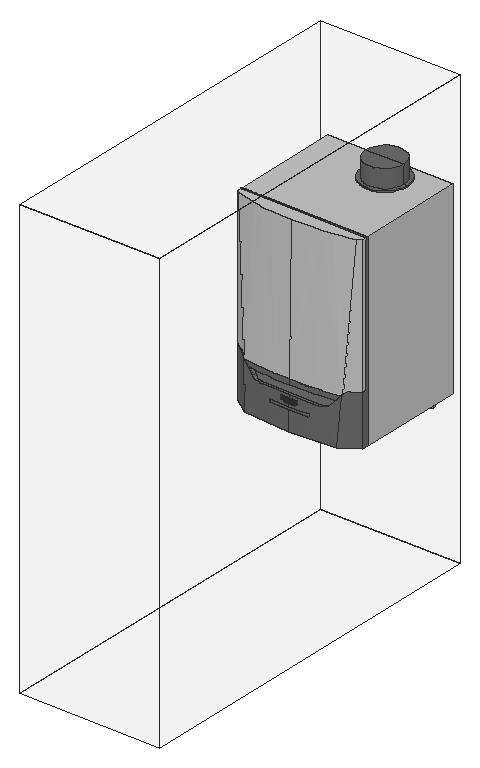
Revit family "Remeha_QuintaAce90_LOD5", category Mechanical Equipment, Revit 2016
Family settings
  Part Type = Normal
  Round Connector Dimension = Use Diameter
  OmniClass Number = 23.75.10.11.14
  OmniClass Title = Hot Water Heat Generators
  Work Plane-Based = No
  Always vertical = Yes
  Cut with Voids When Loaded = Yes
  Shared = No
  Room Calculation Point = No
Parameters (values of type "100/150 Concentric Flue Connection - 150 Connector")
  Weekly = ""
  Water Treatment Required = yes
  Water Content = 9.4 L
  Warranty ID = ""
  Voltage = 230 V
  URL = ""
  Type = "Space heating"
  Turndown Ratio = "5.89:1"
  Text Material = Paint - Black
  Supply Phase = 1
  Starting Current = 0 A
  Sound Pressure Level = "51.6"
  Shipping Weight = 76.50 kg
  Shape = "Rectangular (Vertical)"
  Safety Valve Connection Type = "Unset"
  Safety Valve Connection Size = 0.00 mm
  Responsible Sourcing of Materials = ""
  Responsible Extraction of Materials = ""
  Reference Standard = "GAR 2016/426, BED 92/42/EEC, ErP 2009/125/EC"
  Rated Output = 84200 W
  Rated Criteria = "80/60"
  Quarterly = ""
  Product Range = "Quinta Ace 90"
  Product Model Number = ""
  Product Literature = "https://www.remeha.co.uk/products/wall-hung-range/quinta-ace-30-115"
  Primary Fuel = "Gas - NG"
  Overall Width = 500.00 mm
  Overall Length = 500.00 mm
  Overall Height = 750.00 mm
  Optional Fuel = "LPG"
  Operation and Maintenance Manual = "https://www.remeha.co.uk/products/wall-hung-range/quinta-ace-30-115"
  Oil Consumption rate = 0
  Nominal Oil Inlet Pressure = 0.00000 bar
  Nominal Gas Inlet Pressure = 0.02000 bar
  NOx Emissions = "29"
  Mounting = "Wall Mounted"
  Monthly = ""
  Model = ""
  Minimum Power Consumption = 26 W
  Minimum Operating Pressure = 0.80000 bar
  Minimum Oil Inlet Pressure = 0.00000 bar
  Minimum Gas Inlet Pressure = 0.01700 bar
  Minimum Flow Rate at 20C temperature differential = 1.01 L/s
  Minimum Flow Rate at 11C temperature differential = 1.83 L/s
  Maximum Power Consumption = 114 W
  Maximum Operating Pressure = 4.00000 bar
  Maximum Oil Inlet Pressure = 0.00000 bar
  Maximum Gas Inlet Pressure = 0.02500 bar
  Material Ingredient Reporting = ""
  Manufacturer Website = "www.remeha.co.uk"
  Manufacturer = "Remeha Commercial"
  Maintenance Required 8001 to 12000hrs = ""
  Maintenance Required 601 to 1000hrs = ""
  Maintenance Required 4001 to 8000hrs = ""
  Maintenance Required 301 to 600hrs = ""
  Maintenance Required 2001 to 4000hrs = ""
  Maintenance Required 1001 to 2000hrs = ""
  Maintenance Required 0 to 300hrs = ""
  Location of Manufacturer = ""
  Load Classification = none
  Life Cycle Analysis = ""
  Interlocks = yes
  IfcExportType = "NOTDEFINED"  # constant formula
  IfcExportAs = "IfcBoilerType"  # constant formula
  IP Rating = "X4D"
  IK Rating = "Not Required"
  Hydraulic Resistance at 20C temperature differential = 0.15300 bar
  Hydraulic Resistance at 11C temperature differential = 0.50600 bar
  Heater Operation = "Condensing"
  Heat Exchanger Material = "Aluminium"
  Gross Weight = 74.60 kg
  Green Guide for Specification = ""
  Gas Consumption rate = "9.1"
  Fuse Rating = 2.5 A
  Full Load Current = 0 A
  Fuel Connection Type = "Threaded"
  Fuel Connection Size = 20.00 mm
  Frequency = 50 Hz
  Flue or Air Intake Classification = "B23P,B33,C13,C33,C53,C63,C93"
  Flue Radius = Air Inlet Connection Size / 2  # 75.00 mm
  Flue Connector Size = 150 mm
  Flue Connection size = 100.00 mm
  Flow and Return Connection Type = "Threaded"
  Flow and Return Connection Size = 32.00 mm
  Finish = "High Polish Gardner 60 GRAD 91EH"
  Features = "Remeha's Quinta Pro range are compact high efficiency wall hung condensing boilers. Lighter and more efficienct, their small size make them ideally suited to modular arrangments"
  External Material = "Steel"
  Expected Life = "15"
  ErP Seasonal Efficiency = ""
  ErP Rated Efficiency at Part Load = "97.4"
  ErP Rated Efficiency at Full Load = "88.2"
  ErP Energy Label = "0"
  Environmental Product Declaration = ""
  Energy Technology List = "0"
  Embodied Carbon = ""
  Drain Connection Type = "Unset"
  Drain Connection Size = 25.00 mm
  Description = ""
  Daily = ""
  Control Type = "'0 - 10V, Open Therm, Volt free enable, Direct boiler weather compensating control systems available from Remeha as optional extra's."
  Configuration = "Single boiler"
  Condensate Drain Type = "Plain"
  Condensate Drain Size = 32.00 mm
  Colour = "RAL 9016"
  Clearance Box Visibility [instance] = yes
  Classification.Uniclass.Pr.Number [instance] = "Pr_60_60_08_34"
  Classification.Uniclass.Pr.Description [instance] = "Gas fired Condensing Boilers"
  CE Mark = "0063CS3928"
  Burner Control Type = "Modulating"
  Building Regulations Seasonal Efficiency = "95.65"
  Bespoke Timeframe = ""
  BMS Links = yes
  Annually = "As Per Attached URL O&M Manual"
  Air Inlet Connection Size = 150.00 mm
  Additional Technical Details = "https://www.remeha.co.uk/products/wall-hung-range/quinta-ace-30-115"
  Access Clearance Top = 400.00 mm
  Access Clearance Right = 30.00 mm
  Access Clearance Rear = 0.00 mm
  Access Clearance Left = 30.00 mm
  Access Clearance Front = 1000.00 mm
  Access Clearance Bottom = 600.00 mm
  6 Monthly = ""
Types (2, lengths in mm): name | Flue Connector Size
  100/150 Conventional Flue Connection - 100 Connector | 100
  100/150 Concentric Flue Connection - 150 Connector | 150
Reference planes
  plane 1 "Center (Front/Back)": y = 0
  plane 2: z = 0
  plane 3 "Center (Left/Right)": x = 0
  plane 4: y = -50
  plane 5: y = -75
  plane 6: x = -115
  plane 7: x = 59
  plane 8: x = 119.4
  plane 9: x = 200
  plane 10: x = 250
  plane 11: y = -101
  plane 12: x = -250
  plane 13: y = -500
  plane 14: x = -280
  plane 15: x = 280
  plane 16: y = -1500
  plane 17: y = 0
  plane 18: z = 750
  plane 19: z = 1150
  plane 20: z = -600
  plane 21: z = 824.467
Forms (mm)
  Sweep 1, solid, material "101_240_115"
    path origin (453.507, -50, 3000) x (1, 0, 0) y (0, 0, 1)
      loop
        line (-568.507, -3039.462) -> (-568.507, -3000)
    profile origin (-115, -50, -19.731) x (-1, 0, 0) y (0, -1, 0)
      loop
        circle (0, 0) r 21.2
  Sweep 2, solid
    path origin (453.507, -75, 3000) x (1, 0, 0) y (0, 0, 1)
      loop
        line (-394.507, -3012.462) -> (-394.507, -3000)
    profile origin (59, -75, -6.231) x (-1, 0, 0) y (0, -1, 0)
      loop
        circle (0, 0) r 16.25
  Sweep 3, solid, material "229_0_0"
    path origin (687.907, -50, 3000) x (1, 0, 0) y (0, 0, 1)
      loop
        line (-568.507, -3039.662) -> (-568.507, -3000)
    profile origin (119.4, -50, -19.831) x (-1, 0, 0) y (0, -1, 0)
      loop
        circle (0, 0) r 21.2
  Sweep 4, solid, material "229_229_0"
    path origin (768.507, -50, 3000) x (1, 0, 0) y (0, 0, 1)
      loop
        line (-568.507, -3040) -> (-568.507, -3000)
    profile origin (200, -50, -20) x (-1, 0, 0) y (0, -1, 0)
      loop
        circle (0, 0) r 13.5
  Revolve 5, solid, material "51_51_51"
    sketch origin (453.507, -101, 2990) x (1, 0, 0) y (0, 0, 1)
      loop
        line (-394.507, -2240) -> (-303.507, -2240) -> (-303.507, -2236.533) -> (-319.507, -2236.533) -> (-319.507, -2165.533) -> (-394.507, -2165.533) -> (-394.507, -2240)
      axis (-394.507, -2165.533) -> (-394.507, -2240)
    angle from 0 to 360
  Extrusion 6, solid, material "192_192_192"
    sketch origin (0, 5.687, 0) x (1, 0, 0) y (0, 1, 0)
      loop
        line (-250, -5.687) -> (-250, -432.687) -> (250, -432.687) -> (250, -5.687) -> (-250, -5.687)
    from 0 to 750
  Blend 7, solid, material "51_51_51"
    base sketch origin (0, 5.69, 0) x (1, 0, 0) y (0, 1, 0)
      loop
        line (249.735, -456.82) -> (250.139, -433.688) -> (-250.139, -433.688) -> (-249.735, -456.82) -> (-184.568, -502.286)
        arc (-184.568, -502.286) -> (-92.429, -510.231) -> (0, -513.311) r 1755.189
        arc (0, -513.311) -> (92.429, -510.231) -> (184.568, -502.286) r 1755.189
        line (184.568, -502.286) -> (249.735, -456.82)
    top sketch origin (0, 5.69, 0) x (1, 0, 0) y (0, 1, 0)
      loop
        line (250.139, -433.688) -> (-250.139, -433.688) -> (-249.716, -457.885) -> (-235.73, -467.643)
        arc (-235.73, -467.643) -> (-118.82, -490.038) -> (0, -497.214) r 923.864
        arc (0, -497.214) -> (118.82, -490.038) -> (235.73, -467.643) r 923.864
        line (235.73, -467.643) -> (249.716, -457.885) -> (250.139, -433.688)
    from 0 to 750
  Extrusion 8, void
    sketch origin (0, 0, 0) x (1, 0, 0) y (0, 0, 1)
      loop
        arc (-216.741, 202.277) -> (-209.657, 200.826) -> (-203.818, 196.561) r 17
        line (-203.818, 196.561) -> (-154.08, 141.623)
        arc (-154.08, 141.623) -> (-140.311, 131.663) -> (-123.686, 128.141) r 41
        line (-123.686, 128.141) -> (123.686, 128.141)
        arc (123.686, 128.141) -> (140.311, 131.663) -> (154.08, 141.623) r 41
        line (154.08, 141.623) -> (203.818, 196.561)
        arc (203.818, 196.561) -> (209.657, 200.826) -> (216.741, 202.277) r 17
        line (216.741, 202.277) -> (251.211, 201.857) -> (251.211, 781.159) -> (-251, 781.159) -> (-251, 201.86) -> (-216.741, 202.277)
      loop
        line (-190.992, 184.8) -> (-177.118, 169.664)
        arc (-177.118, 169.664) -> (-172.1, 166.07) -> (-166.06, 164.8) r 15
        line (-166.06, 164.8) -> (166.06, 164.8)
        arc (166.06, 164.8) -> (172.1, 166.07) -> (177.118, 169.664) r 15
        line (177.118, 169.664) -> (190.992, 184.8) -> (-190.992, 184.8)
    from 433.688 to 506.661
  Extrusion 9, void
    sketch origin (0, 5.69, 0) x (0, 1, 0) y (0, 0, 1)
      loop
        line (-507.075, 87.668) -> (-512.351, 87.668) -> (-512.351, 74.979) -> (-507.075, 74.979) -> (-507.075, 87.668)
    from -80 to 80
  Extrusion 10, solid, material "51_51_51"
    sketch origin (0, 5.69, 0) x (0, 1, 0) y (0, 0, 1)
      loop
        line (-494.881, 127.103) -> (-439.378, 127.103) -> (-439.378, 169.103) -> (-474.396, 169.103) -> (-494.881, 127.103)
    from -180 to 180
  Blend 11, solid, material "192_192_192"
    base sketch origin (0, 5.69, 0) x (1, 0, 0) y (0, 1, 0)
      loop
        line (249.735, -456.82) -> (250.139, -433.688) -> (-250.139, -433.688) -> (-249.735, -456.82) -> (-184.568, -502.286)
        arc (-184.568, -502.286) -> (-92.429, -510.231) -> (0, -513.311) r 1755.189
        arc (0, -513.311) -> (92.429, -510.231) -> (184.568, -502.286) r 1755.189
        line (184.568, -502.286) -> (249.735, -456.82)
    top sketch origin (0, 5.69, 0) x (1, 0, 0) y (0, 1, 0)
      loop
        line (250.139, -433.688) -> (-250.139, -433.688) -> (-249.716, -457.885) -> (-235.73, -467.643)
        arc (-235.73, -467.643) -> (-118.82, -490.038) -> (0, -497.214) r 923.864
        arc (0, -497.214) -> (118.82, -490.038) -> (235.73, -467.643) r 923.864
        line (235.73, -467.643) -> (249.716, -457.885) -> (250.139, -433.688)
    from 0 to 750
  Extrusion 12, void
    sketch origin (1400, 0, 0) x (1, 0, 0) y (0, 0, 1)
      loop
        line (-1651, 0) -> (-1148.789, 0) -> (-1148.789, 203.538) -> (-1183.579, 203.961)
        arc (-1183.579, 203.961) -> (-1191.131, 202.462) -> (-1197.432, 198.036) r 18.627
        line (-1197.432, 198.036) -> (-1206.67, 188.061)
        arc (-1206.67, 188.061) -> (-1208.371, 186.852) -> (-1210.413, 186.426) r 5.101
        line (-1210.413, 186.426) -> (-1400, 186.426) -> (-1589.587, 186.426)
        arc (-1589.587, 186.426) -> (-1591.629, 186.852) -> (-1593.33, 188.061) r 5.101
        line (-1593.33, 188.061) -> (-1602.568, 198.036)
        arc (-1602.568, 198.036) -> (-1608.869, 202.462) -> (-1616.421, 203.961) r 18.627
        line (-1616.421, 203.961) -> (-1651, 203.54) -> (-1651, 0)
    from 433.69 to 511.105
  Extrusion 13, solid, material "Clearance", visible <- "Clearance Box Visibility"
    sketch origin (0, 0, 0) x (1, 0, 0) y (0, 1, 0)
      loop
        line (-280, 0) -> (-280, -1500) -> (280, -1500) -> (280, 0) -> (-280, 0)
    from -600 to 1150
  Extrusion 14, solid, material "Paint - Black" <- "Text Material"
    sketch origin (0, 0, 0) x (1, 0, 0) y (0, 0, 1)
      loop
        line (-30.625, 120.395) -> (-30.625, 118.213) -> (30.625, 118.213) -> (30.625, 120.395) -> (-30.625, 120.395)
      loop
        line (-30.625, 106.032) -> (30.625, 106.032) -> (30.625, 108.213) -> (-30.625, 108.213) -> (-30.625, 106.032)
      loop
        line (-28.307, 116.676) -> (-28.307, 109.282) -> (-20.805, 109.282) -> (-20.805, 112.183) -> (-19.053, 112.183)
        arc (-19.053, 112.183) -> (-18.314, 111.847) -> (-18.083, 111.068) r 0.979
        arc (-18.083, 111.068) -> (-18.083, 110.157) -> (-17.832, 109.282) r 3.272
        line (-17.832, 109.282) -> (-16.376, 109.282)
        arc (-16.376, 109.282) -> (-16.561, 110.336) -> (-16.618, 111.404) r 8.915
        arc (-16.618, 111.404) -> (-16.885, 112.268) -> (-17.601, 112.822) r 1.5
        arc (-17.601, 112.822) -> (-16.323, 115.034) -> (-18.28, 116.676) r 1.987
        line (-18.28, 116.676) -> (-20.805, 116.676) -> (-28.307, 116.676)
      loop
        line (-20.805, 115.402) -> (-20.805, 113.382) -> (-18.787, 113.382)
        arc (-18.787, 113.382) -> (-18.37, 113.534) -> (-18.148, 113.918) r 0.649
        arc (-18.148, 113.918) -> (-18.033, 114.426) -> (-18.159, 114.93) r 1.124
        arc (-18.159, 114.93) -> (-18.505, 115.276) -> (-18.976, 115.402) r 0.944
        line (-18.976, 115.402) -> (-20.805, 115.402)
      loop
        line (-26.948, 115.402) -> (-26.948, 110.655) -> (-22.202, 110.655) -> (-22.202, 115.402) -> (-26.948, 115.402)
      loop
        line (-9.068, 114.754) -> (-10.47, 114.754) -> (-10.47, 109.282) -> (-8.958, 109.282) -> (-8.958, 112.222)
        arc (-8.958, 112.222) -> (-8.681, 113.022) -> (-7.968, 113.478) r 1.291
        arc (-7.968, 113.478) -> (-7.458, 113.497) -> (-6.98, 113.316) r 1.291
        line (-6.98, 113.316) -> (-6.98, 114.889)
        arc (-6.98, 114.889) -> (-8.226, 114.723) -> (-9.068, 113.79) r 1.823
        line (-9.068, 113.79) -> (-9.068, 114.754)
      loop
        line (-5.139, 111.705) -> (-1.277, 111.705)
        arc (-1.277, 111.705) -> (-3.967, 114.88) -> (-6.562, 111.627) r 2.694
        arc (-6.562, 111.627) -> (-4.23, 109.192) -> (-1.394, 111.016) r 2.651
        line (-1.394, 111.016) -> (-2.704, 111.016)
        arc (-2.704, 111.016) -> (-4.224, 110.293) -> (-5.139, 111.705) r 1.276
      loop
        line (-5.147, 112.62) -> (-2.707, 112.62)
        arc (-2.707, 112.62) -> (-3.927, 113.841) -> (-5.147, 112.62) r 1.22
      loop
        line (1.337, 113.988) -> (1.337, 114.776) -> (-0.066, 114.776) -> (-0.066, 109.389) -> (1.396, 109.389) -> (1.396, 112.819)
        arc (1.396, 112.819) -> (2.357, 113.78) -> (3.318, 112.819) r 0.961
        line (3.318, 112.819) -> (3.318, 109.389) -> (4.781, 109.389) -> (4.781, 112.819)
        arc (4.781, 112.819) -> (5.723, 113.761) -> (6.665, 112.819) r 0.942
        line (6.665, 112.819) -> (6.665, 109.389) -> (8.107, 109.389) -> (8.107, 112.925)
        arc (8.107, 112.925) -> (8.131, 113.503) -> (7.91, 114.038) r 1.349
        arc (7.91, 114.038) -> (6.224, 114.92) -> (4.538, 114.038) r 2.053
        arc (4.538, 114.038) -> (2.923, 114.936) -> (1.337, 113.988) r 1.848
      loop
        line (10.835, 111.705) -> (14.697, 111.705)
        arc (14.697, 111.705) -> (12.007, 114.88) -> (9.413, 111.627) r 2.694
        arc (9.413, 111.627) -> (11.745, 109.192) -> (14.58, 111.016) r 2.651
        line (14.58, 111.016) -> (13.271, 111.016)
        arc (13.271, 111.016) -> (11.751, 110.293) -> (10.835, 111.705) r 1.276
      loop
        line (10.827, 112.62) -> (13.268, 112.62)
        arc (13.268, 112.62) -> (12.048, 113.841) -> (10.827, 112.62) r 1.22
      loop
        line (17.364, 116.805) -> (15.821, 116.805) -> (15.821, 109.416) -> (17.364, 109.416) -> (17.364, 112.62)
        arc (17.364, 112.62) -> (18.386, 113.878) -> (19.408, 112.62) r 1.044
        line (19.408, 112.62) -> (19.408, 109.416) -> (20.934, 109.416) -> (20.934, 113.081)
        arc (20.934, 113.081) -> (19.516, 114.929) -> (17.364, 114.038) r 1.913
        line (17.364, 114.038) -> (17.364, 116.805)
      loop
        line (22.242, 113.094) -> (23.722, 113.094)
        arc (23.722, 113.094) -> (23.883, 113.574) -> (24.311, 113.847) r 0.76
        arc (24.311, 113.847) -> (24.781, 113.923) -> (25.255, 113.868) r 1.739
        arc (25.255, 113.868) -> (25.672, 113.375) -> (25.347, 112.817) r 0.559
        arc (25.347, 112.817) -> (24.586, 112.573) -> (23.79, 112.514) r 3.395
        arc (23.79, 112.514) -> (23.01, 112.359) -> (22.39, 111.862) r 1.672
        arc (22.39, 111.862) -> (22.047, 110.754) -> (22.507, 109.69) r 1.672
        arc (22.507, 109.69) -> (23.456, 109.312) -> (24.477, 109.296) r 2.817
        arc (24.477, 109.296) -> (25.226, 109.546) -> (25.673, 110.197) r 1.24
        arc (25.673, 110.197) -> (25.722, 109.795) -> (25.841, 109.407) r 2.328
        line (25.841, 109.407) -> (27.312, 109.407)
        arc (27.312, 109.407) -> (27.148, 109.949) -> (27.093, 110.512) r 2.901
        line (27.093, 110.512) -> (27.093, 113.568)
        arc (27.093, 113.568) -> (26.736, 114.43) -> (25.874, 114.787) r 1.219
        arc (25.874, 114.787) -> (24.773, 114.91) -> (23.672, 114.787) r 4.994
        arc (23.672, 114.787) -> (22.673, 114.18) -> (22.242, 113.094) r 1.837
      loop
        arc (23.575, 111.229) -> (23.583, 110.746) -> (23.888, 110.371) r 0.737
        arc (23.888, 110.371) -> (24.388, 110.254) -> (24.895, 110.337) r 1.324
        arc (24.895, 110.337) -> (25.433, 110.755) -> (25.637, 111.405) r 1.14
        line (25.637, 111.405) -> (25.637, 112.191)
        arc (25.637, 112.191) -> (25.209, 111.86) -> (24.672, 111.801) r 0.999
        arc (24.672, 111.801) -> (24.028, 111.698) -> (23.575, 111.229) r 1.029
      loop
        line (-14.73, 105.293) -> (-14.73, 102.893)
        arc (-14.73, 102.893) -> (-14.262, 101.761) -> (-13.13, 101.293) r 1.6
        line (-13.13, 101.293) -> (-11.33, 101.293)
        arc (-11.33, 101.293) -> (-10.199, 101.761) -> (-9.73, 102.893) r 1.6
        line (-9.73, 102.893) -> (-9.73, 105.293) -> (-10.73, 105.293) -> (-10.73, 102.893)
        arc (-10.73, 102.893) -> (-10.965, 102.327) -> (-11.53, 102.093) r 0.8
        line (-11.53, 102.093) -> (-12.93, 102.093)
        arc (-12.93, 102.093) -> (-13.496, 102.327) -> (-13.73, 102.893) r 0.8
        line (-13.73, 102.893) -> (-13.73, 105.293) -> (-14.73, 105.293)
      loop
        line (23.957, 105.293) -> (19.757, 105.293) -> (19.757, 101.293) -> (23.957, 101.293) -> (23.957, 102.093) -> (20.757, 102.093) -> (20.757, 102.893) -> (23.957, 102.893) -> (23.957, 103.693) -> (20.757, 103.693) -> (20.757, 104.493) -> (23.957, 104.493) -> (23.957, 105.293)
      loop
        line (14.257, 103.693) -> (14.257, 102.893)
        arc (14.257, 102.893) -> (14.726, 101.761) -> (15.857, 101.293) r 1.6
        line (15.857, 101.293) -> (17.657, 101.293)
        arc (17.657, 101.293) -> (18.789, 101.761) -> (19.257, 102.893) r 1.6
        line (19.257, 102.893) -> (18.257, 102.893)
        arc (18.257, 102.893) -> (18.023, 102.327) -> (17.457, 102.093) r 0.8
        line (17.457, 102.093) -> (16.057, 102.093)
        arc (16.057, 102.093) -> (15.492, 102.327) -> (15.257, 102.893) r 0.8
        line (15.257, 102.893) -> (15.257, 103.693)
        arc (15.257, 103.693) -> (15.492, 104.259) -> (16.057, 104.493) r 0.8
        line (16.057, 104.493) -> (17.457, 104.493)
        arc (17.457, 104.493) -> (18.023, 104.259) -> (18.257, 103.693) r 0.8
        line (18.257, 103.693) -> (19.257, 103.693)
        arc (19.257, 103.693) -> (18.789, 104.824) -> (17.657, 105.293) r 1.6
        line (17.657, 105.293) -> (15.857, 105.293)
        arc (15.857, 105.293) -> (14.726, 104.824) -> (14.257, 103.693) r 1.6
      loop
        line (10.851, 105.293) -> (9.07, 101.293) -> (10.164, 101.293) -> (10.521, 102.093) -> (12.619, 102.093) -> (12.975, 101.293) -> (14.07, 101.293) -> (12.289, 105.293) -> (10.851, 105.293)
      loop
        line (10.877, 102.893) -> (12.263, 102.893) -> (11.57, 104.449) -> (10.877, 102.893)
      loop
        line (-20.23, 103.693) -> (-20.23, 102.893)
        arc (-20.23, 102.893) -> (-19.762, 101.761) -> (-18.63, 101.293) r 1.6
        line (-18.63, 101.293) -> (-16.83, 101.293)
        arc (-16.83, 101.293) -> (-16.428, 101.344) -> (-16.052, 101.495) r 1.6
        line (-16.052, 101.495) -> (-15.593, 100.84) -> (-14.937, 101.299) -> (-15.467, 102.055)
        arc (-15.467, 102.055) -> (-15.291, 102.458) -> (-15.23, 102.893) r 1.6
        line (-15.23, 102.893) -> (-15.23, 103.693)
        arc (-15.23, 103.693) -> (-15.699, 104.824) -> (-16.83, 105.293) r 1.6
        line (-16.83, 105.293) -> (-18.63, 105.293)
        arc (-18.63, 105.293) -> (-19.762, 104.824) -> (-20.23, 103.693) r 1.6
      loop
        line (-19.23, 103.693) -> (-19.23, 102.893)
        arc (-19.23, 102.893) -> (-18.996, 102.327) -> (-18.43, 102.093) r 0.8
        line (-18.43, 102.093) -> (-17.03, 102.093)
        arc (-17.03, 102.093) -> (-16.465, 102.327) -> (-16.23, 102.893) r 0.8
        line (-16.23, 102.893) -> (-16.23, 103.693)
        arc (-16.23, 103.693) -> (-16.465, 104.259) -> (-17.03, 104.493) r 0.8
        line (-17.03, 104.493) -> (-18.43, 104.493)
        arc (-18.43, 104.493) -> (-18.996, 104.259) -> (-19.23, 103.693) r 0.8
      loop
        line (-9.23, 105.293) -> (-9.23, 101.293) -> (-8.23, 101.293) -> (-8.23, 105.293) -> (-9.23, 105.293)
      loop
        line (-7.73, 105.293) -> (-7.73, 101.293) -> (-6.73, 101.293) -> (-6.73, 104.493) -> (-4.405, 101.293) -> (-2.73, 101.293) -> (-2.73, 105.293) -> (-3.73, 105.293) -> (-3.73, 102.093) -> (-6.055, 105.293) -> (-7.73, 105.293)
      loop
        line (-2.23, 105.293) -> (-2.23, 104.493) -> (-0.23, 104.493) -> (-0.23, 101.293) -> (0.77, 101.293) -> (0.77, 104.493) -> (2.77, 104.493) -> (2.77, 105.293) -> (-2.23, 105.293)
      loop
        line (3.851, 105.293) -> (2.07, 101.293) -> (3.164, 101.293) -> (3.521, 102.093) -> (5.619, 102.093) -> (5.975, 101.293) -> (7.07, 101.293) -> (5.289, 105.293) -> (3.851, 105.293)
      loop
        line (3.877, 102.893) -> (5.263, 102.893) -> (4.57, 104.449) -> (3.877, 102.893)
    from 505 to 506.998
Cuts and joins
  Extrusion 8, Extrusion 9 cuts Blend 7
  joined: Blend 7, Extrusion 10
  Extrusion 12 cuts Blend 11
Dimensions and locks
  locked: plane 4 to plane 1 "Center (Front/Back)" at 50
  locked: plane 5 to plane 1 "Center (Front/Back)" at 75
  locked: plane 9 to plane 10 at 50
  locked: plane 8 to plane 10 at 130.6
  locked: plane 7 to plane 10 at 191
  locked: plane 6 to plane 10 at 365
  locked: plane 11 to plane 1 "Center (Front/Back)" at 101
  "Flue Radius": Revolve 5 sketch curve to plane 7
  locked: Revolve 5 sketch curve to plane 7 at 91
  equal spacing: plane 12, plane 3 "Center (Left/Right)", plane 10
  locked: plane 13 to plane 1 "Center (Front/Back)" at 500
  "Access Clearance Front": plane 16 to plane 13
  "Access Clearance Rear": plane 1 "Center (Front/Back)" to plane 17
  locked: plane 12 to plane 10 at 500
  "Access Clearance Right": plane 10 to plane 15
  "Access Clearance Left": plane 14 to plane 12
  "Overall Height": plane 18 to plane 2
  "Access Clearance Bottom": plane 2 to plane 20
  "Access Clearance Top": plane 19 to plane 18
  locked: plane 21 to plane 18 at 74.467
  plane 3 "Center (Left/Right)" to Extrusion 13 = 280.00 mm
  aligned and locked: level to plane 2
  aligned and locked: plane 6 to Sweep 1 sketch curve
  aligned and locked: profile plane to Sweep 1 sketch curve  (x2)
  aligned and locked: profile plane to Sweep 2 sketch curve  (x2)
  aligned and locked: Sweep 2 sketch curve to plane 7
  aligned and locked: profile plane to Sweep 3 sketch curve  (x2)
  aligned and locked: plane 8 to Sweep 3 sketch curve
  aligned and locked: profile plane to Sweep 4 sketch curve  (x2)
  aligned and locked: plane 9 to Sweep 4 sketch curve
  aligned and locked: Revolve 5 sketch curve to plane 7
  aligned and locked: plane 17 to Extrusion 13 sketch curve
  aligned and locked: plane 14 to Extrusion 13 sketch curve
  aligned and locked: Extrusion 13 sketch curve to plane 15
  aligned and locked: Extrusion 13 sketch curve to plane 16
  aligned and locked: Revolve 5 to plane 21
  aligned and locked: Revolve 5 to plane 18
  aligned and locked: Extrusion 13 to plane 19
Automatic sketch dimensions
  Sweep 1 sketch curve to level = 0.00 mm
  Sweep 1 sketch curve to level = 39.462 mm
  Sweep 2 sketch curve to level = 0.00 mm
  Sweep 2 sketch curve to level = 12.462 mm
  Sweep 3 sketch curve to level = 0.00 mm
  Sweep 3 sketch curve to Sweep 3 sketch curve = 39.662 mm
  Sweep 4 sketch curve to level = 0.00 mm
  Sweep 4 sketch curve to Sweep 4 sketch curve = 40.00 mm
  Extrusion 6 sketch curve to plane 10 = 0.00 mm
  plane 1 "Center (Front/Back)" to Extrusion 6 sketch curve = 0.00 mm
  Extrusion 6 sketch curve to plane 6 = 135.00 mm
  plane 11 to Extrusion 6 sketch curve = 326.00 mm
  Blend 7 sketch curve to plane 3 "Center (Left/Right)" = 0.00 mm  (x2)
  Blend 7 sketch curve to plane 3 "Center (Left/Right)" = 12.233 mm
  Blend 7 sketch curve to plane 6 = 69.568 mm
  Blend 7 sketch curve to Blend 7 sketch curve = 65.167 mm
  Blend 7 sketch curve to Blend 7 sketch curve = 0.404 mm
  plane 3 "Center (Left/Right)" to Blend 7 sketch curve = 12.233 mm
  Blend 7 sketch curve to plane 9 = 15.432 mm
  Blend 7 sketch curve to plane 10 = 0.265 mm
  plane 10 to Blend 7 sketch curve = 0.139 mm  (x2)
  plane 11 to Blend 7 sketch curve = 395.596 mm
  Blend 7 sketch curve to Blend 7 sketch curve = 0.00 mm
  Blend 7 sketch curve to Blend 7 sketch curve = 45.466 mm  (x2)
  Blend 7 sketch curve to Blend 7 sketch curve = 23.133 mm
  Blend 7 sketch curve to plane 1 "Center (Front/Back)" = 1247.525 mm
  Blend 7 sketch curve to plane 3 "Center (Left/Right)" = 3.828 mm
  Blend 7 sketch curve to plane 6 = 120.73 mm
  Blend 7 sketch curve to Blend 7 sketch curve = 13.986 mm
  Blend 7 sketch curve to Blend 7 sketch curve = 0.422 mm
  plane 3 "Center (Left/Right)" to Blend 7 sketch curve = 3.828 mm
  Blend 7 sketch curve to plane 10 = 14.27 mm
  Blend 7 sketch curve to plane 10 = 0.284 mm
  plane 11 to Blend 7 sketch curve = 360.953 mm
  plane 1 "Center (Front/Back)" to Blend 7 sketch curve = 461.953 mm
  Blend 7 sketch curve to Blend 7 sketch curve = 9.758 mm  (x2)
  Blend 7 sketch curve to Blend 7 sketch curve = 24.198 mm
  Blend 7 sketch curve to plane 1 "Center (Front/Back)" = 432.332 mm
  Extrusion 8 sketch curve to plane 6 = 136.00 mm
  Extrusion 8 sketch curve to Extrusion 8 sketch curve = 34.259 mm
  Extrusion 8 sketch curve to Extrusion 8 sketch curve = 0.207 mm
  Extrusion 8 sketch curve to Extrusion 8 sketch curve = 12.923 mm  (x2)
  Extrusion 8 sketch curve to Extrusion 8 sketch curve = 12.826 mm
  Extrusion 8 sketch curve to Extrusion 8 sketch curve = 13.874 mm
  Extrusion 8 sketch curve to Extrusion 8 sketch curve = 11.057 mm  (x2)
  Extrusion 8 sketch curve to Extrusion 8 sketch curve = 11.98 mm  (x2)
  Extrusion 8 sketch curve to plane 6 = 8.686 mm
  plane 8 to Extrusion 8 sketch curve = 4.286 mm
  Extrusion 8 sketch curve to Extrusion 8 sketch curve = 30.394 mm
  Extrusion 8 sketch curve to plane 9 = 9.008 mm
  plane 9 to Extrusion 8 sketch curve = 3.818 mm
  plane 9 to Extrusion 8 sketch curve = 16.534 mm
  plane 10 to Extrusion 8 sketch curve = 1.211 mm
  level to Extrusion 8 sketch curve = 128.141 mm
  Extrusion 8 sketch curve to Extrusion 8 sketch curve = 13.483 mm  (x2)
  Extrusion 8 sketch curve to Extrusion 8 sketch curve = 23.177 mm
  Extrusion 8 sketch curve to Extrusion 8 sketch curve = 4.864 mm  (x2)
  Extrusion 8 sketch curve to Extrusion 8 sketch curve = 15.136 mm
  Extrusion 8 sketch curve to Extrusion 8 sketch curve = 0.478 mm  (x2)
  Extrusion 8 sketch curve to Extrusion 8 sketch curve = 11.283 mm  (x2)
  Extrusion 8 sketch curve to Extrusion 8 sketch curve = 0.42 mm
  Extrusion 8 sketch curve to Extrusion 8 sketch curve = 0.417 mm
  Extrusion 8 sketch curve to Extrusion 8 sketch curve = 579.299 mm
  level to Extrusion 9 sketch curve = 87.668 mm
  plane 11 to Extrusion 9 sketch curve = 405.661 mm
  Extrusion 9 sketch curve to Extrusion 9 sketch curve = 5.277 mm
  Extrusion 9 sketch curve to Extrusion 9 sketch curve = 12.689 mm
  level to Extrusion 10 sketch curve = 127.103 mm
  plane 11 to Extrusion 10 sketch curve = 388.191 mm
  Extrusion 10 sketch curve to Extrusion 10 sketch curve = 20.485 mm
  Extrusion 10 sketch curve to Extrusion 10 sketch curve = 35.018 mm
  Extrusion 10 sketch curve to Extrusion 10 sketch curve = 42.00 mm
  Blend 11 sketch curve to plane 3 "Center (Left/Right)" = 0.00 mm  (x2)
  Blend 11 sketch curve to plane 3 "Center (Left/Right)" = 12.233 mm
  Blend 11 sketch curve to plane 6 = 69.568 mm
  Blend 11 sketch curve to Blend 11 sketch curve = 65.167 mm
  Blend 11 sketch curve to Blend 11 sketch curve = 0.404 mm
  plane 3 "Center (Left/Right)" to Blend 11 sketch curve = 12.233 mm
  Blend 11 sketch curve to plane 9 = 15.432 mm
  Blend 11 sketch curve to plane 10 = 0.265 mm
  plane 10 to Blend 11 sketch curve = 0.139 mm  (x2)
  plane 11 to Blend 11 sketch curve = 395.596 mm
  Blend 11 sketch curve to Blend 11 sketch curve = 0.00 mm
  Blend 11 sketch curve to Blend 11 sketch curve = 45.466 mm  (x2)
  Blend 11 sketch curve to Blend 11 sketch curve = 23.133 mm
  Blend 11 sketch curve to plane 1 "Center (Front/Back)" = 1247.525 mm
  Blend 11 sketch curve to plane 3 "Center (Left/Right)" = 3.828 mm
  Blend 11 sketch curve to plane 6 = 120.73 mm
  Blend 11 sketch curve to Blend 11 sketch curve = 13.986 mm
  Blend 11 sketch curve to Blend 11 sketch curve = 0.422 mm
  plane 3 "Center (Left/Right)" to Blend 11 sketch curve = 3.828 mm
  Blend 11 sketch curve to plane 10 = 14.27 mm
  Blend 11 sketch curve to plane 10 = 0.284 mm
  plane 11 to Blend 11 sketch curve = 360.953 mm
  plane 1 "Center (Front/Back)" to Blend 11 sketch curve = 461.953 mm
  Blend 11 sketch curve to Blend 11 sketch curve = 9.758 mm  (x2)
  Blend 11 sketch curve to Blend 11 sketch curve = 24.198 mm
  Blend 11 sketch curve to plane 1 "Center (Front/Back)" = 432.332 mm
  Extrusion 12 sketch curve to level = 0.00 mm
  Extrusion 12 sketch curve to plane 3 "Center (Left/Right)" = 0.00 mm
  Extrusion 12 sketch curve to plane 6 = 74.587 mm
  Extrusion 12 sketch curve to Extrusion 12 sketch curve = 3.742 mm  (x2)
  Extrusion 12 sketch curve to Extrusion 12 sketch curve = 9.238 mm
  Extrusion 12 sketch curve to Extrusion 12 sketch curve = 13.626 mm
  Extrusion 12 sketch curve to Extrusion 12 sketch curve = 13.853 mm  (x2)
  Extrusion 12 sketch curve to plane 6 = 136.00 mm
  Extrusion 12 sketch curve to plane 9 = 10.413 mm
  plane 9 to Extrusion 12 sketch curve = 2.568 mm
  plane 9 to Extrusion 12 sketch curve = 16.194 mm
  plane 10 to Extrusion 12 sketch curve = 1.211 mm
  level to Extrusion 12 sketch curve = 185.336 mm  (x2)
  Extrusion 12 sketch curve to Extrusion 12 sketch curve = 1.09 mm
  Extrusion 12 sketch curve to Extrusion 12 sketch curve = 1.635 mm  (x2)
  Extrusion 12 sketch curve to Extrusion 12 sketch curve = 9.975 mm  (x2)
  Extrusion 12 sketch curve to Extrusion 12 sketch curve = 0.424 mm
  Extrusion 12 sketch curve to Extrusion 12 sketch curve = 0.421 mm
  Extrusion 14 sketch curve to Extrusion 14 sketch curve = 0.00 mm  (x35)
  Extrusion 14 sketch curve to plane 3 "Center (Left/Right)" = 30.625 mm
  Extrusion 14 sketch curve to Extrusion 14 sketch curve = 2.318 mm
  Extrusion 14 sketch curve to Extrusion 14 sketch curve = 1.36 mm
  Extrusion 14 sketch curve to Extrusion 14 sketch curve = 4.746 mm
  Extrusion 14 sketch curve to Extrusion 14 sketch curve = 1.397 mm  (x2)
  Extrusion 14 sketch curve to Extrusion 14 sketch curve = 0.575 mm
  Extrusion 14 sketch curve to Extrusion 14 sketch curve = 1.00 mm  (x9)
  Extrusion 14 sketch curve to Extrusion 14 sketch curve = 1.648 mm
  Extrusion 14 sketch curve to Extrusion 14 sketch curve = 1.752 mm
  Extrusion 14 sketch curve to Extrusion 14 sketch curve = 0.18 mm
  Extrusion 14 sketch curve to Extrusion 14 sketch curve = 0.19 mm
  Extrusion 14 sketch curve to Extrusion 14 sketch curve = 0.60 mm  (x9)
  Extrusion 14 sketch curve to Extrusion 14 sketch curve = 0.20 mm  (x10)
  Extrusion 14 sketch curve to Extrusion 14 sketch curve = 0.696 mm
  Extrusion 14 sketch curve to Extrusion 14 sketch curve = 0.935 mm
  Extrusion 14 sketch curve to Extrusion 14 sketch curve = 0.286 mm  (x2)
  Extrusion 14 sketch curve to Extrusion 14 sketch curve = 1.40 mm  (x3)
  Extrusion 14 sketch curve to Extrusion 14 sketch curve = 1.456 mm
  Extrusion 14 sketch curve to Extrusion 14 sketch curve = 0.779 mm
  Extrusion 14 sketch curve to Extrusion 14 sketch curve = 0.459 mm
  Extrusion 14 sketch curve to Extrusion 14 sketch curve = 0.584 mm
  Extrusion 14 sketch curve to Extrusion 14 sketch curve = 0.655 mm
  Extrusion 14 sketch curve to Extrusion 14 sketch curve = 1.533 mm
  Extrusion 14 sketch curve to Extrusion 14 sketch curve = 0.50 mm  (x5)
  Extrusion 14 sketch curve to Extrusion 14 sketch curve = 4.373 mm
  Extrusion 14 sketch curve to Extrusion 14 sketch curve = 1.402 mm
  Extrusion 14 sketch curve to Extrusion 14 sketch curve = 1.512 mm
  Extrusion 14 sketch curve to Extrusion 14 sketch curve = 1.255 mm
  Extrusion 14 sketch curve to Extrusion 14 sketch curve = 0.036 mm
  Extrusion 14 sketch curve to Extrusion 14 sketch curve = 0.29 mm
  Extrusion 14 sketch curve to Extrusion 14 sketch curve = 0.396 mm
  Extrusion 14 sketch curve to Extrusion 14 sketch curve = 0.675 mm  (x2)
  Extrusion 14 sketch curve to Extrusion 14 sketch curve = 1.833 mm
  Extrusion 14 sketch curve to Extrusion 14 sketch curve = 0.008 mm  (x2)
  Extrusion 14 sketch curve to Extrusion 14 sketch curve = 2.325 mm
  Extrusion 14 sketch curve to Extrusion 14 sketch curve = 1.22 mm  (x2)
  Extrusion 14 sketch curve to Extrusion 14 sketch curve = 0.001 mm  (x2)
  Extrusion 14 sketch curve to Extrusion 14 sketch curve = 0.009 mm  (x2)
  Extrusion 14 sketch curve to Extrusion 14 sketch curve = 0.043 mm  (x2)
  Extrusion 14 sketch curve to Extrusion 14 sketch curve = 1.172 mm  (x2)
  Extrusion 14 sketch curve to Extrusion 14 sketch curve = 1.31 mm  (x2)
  Extrusion 14 sketch curve to Extrusion 14 sketch curve = 0.117 mm  (x2)
  Extrusion 14 sketch curve to plane 3 "Center (Left/Right)" = 0.23 mm
  Extrusion 14 sketch curve to plane 3 "Center (Left/Right)" = 0.066 mm
  plane 3 "Center (Left/Right)" to Extrusion 14 sketch curve = 0.77 mm
  plane 3 "Center (Left/Right)" to Extrusion 14 sketch curve = 1.337 mm
  plane 3 "Center (Left/Right)" to Extrusion 14 sketch curve = 1.396 mm
  Extrusion 14 sketch curve to Extrusion 14 sketch curve = 1.30 mm
  Extrusion 14 sketch curve to Extrusion 14 sketch curve = 0.961 mm
  Extrusion 14 sketch curve to Extrusion 14 sketch curve = 2.00 mm  (x2)
  Extrusion 14 sketch curve to Extrusion 14 sketch curve = 0.366 mm
  Extrusion 14 sketch curve to Extrusion 14 sketch curve = 1.095 mm  (x4)
  Extrusion 14 sketch curve to Extrusion 14 sketch curve = 0.356 mm  (x8)
  Extrusion 14 sketch curve to Extrusion 14 sketch curve = 1.081 mm
  Extrusion 14 sketch curve to Extrusion 14 sketch curve = 0.719 mm  (x4)
  Extrusion 14 sketch curve to Extrusion 14 sketch curve = 1.463 mm
  Extrusion 14 sketch curve to Extrusion 14 sketch curve = 1.386 mm  (x2)
  Extrusion 14 sketch curve to Extrusion 14 sketch curve = 0.942 mm
  Extrusion 14 sketch curve to Extrusion 14 sketch curve = 0.441 mm
  Extrusion 14 sketch curve to Extrusion 14 sketch curve = 0.137 mm
  Extrusion 14 sketch curve to Extrusion 14 sketch curve = 1.304 mm
  Extrusion 14 sketch curve to Extrusion 14 sketch curve = 2.721 mm
  Extrusion 14 sketch curve to Extrusion 14 sketch curve = 0.33 mm
  Extrusion 14 sketch curve to Extrusion 14 sketch curve = 1.995 mm  (x2)
  Extrusion 14 sketch curve to Extrusion 14 sketch curve = 2.553 mm
  Extrusion 14 sketch curve to Extrusion 14 sketch curve = 1.542 mm  (x2)
  Extrusion 14 sketch curve to Extrusion 14 sketch curve = 1.022 mm
  Extrusion 14 sketch curve to Extrusion 14 sketch curve = 0.635 mm
  Extrusion 14 sketch curve to Extrusion 14 sketch curve = 0.388 mm
  Extrusion 14 sketch curve to Extrusion 14 sketch curve = 1.50 mm
  Extrusion 14 sketch curve to Extrusion 14 sketch curve = 1.526 mm
  Extrusion 14 sketch curve to Extrusion 14 sketch curve = 1.309 mm
  Extrusion 14 sketch curve to Extrusion 14 sketch curve = 1.474 mm
  Extrusion 14 sketch curve to Extrusion 14 sketch curve = 1.48 mm
  Extrusion 14 sketch curve to Extrusion 14 sketch curve = 0.217 mm
  Extrusion 14 sketch curve to Extrusion 14 sketch curve = 3.20 mm  (x2)
  Extrusion 14 sketch curve to Extrusion 14 sketch curve = 0.355 mm
  Extrusion 14 sketch curve to Extrusion 14 sketch curve = 0.558 mm
  Extrusion 14 sketch curve to Extrusion 14 sketch curve = 0.158 mm
  Extrusion 14 sketch curve to Extrusion 14 sketch curve = 0.205 mm
  Extrusion 14 sketch curve to Extrusion 14 sketch curve = 0.406 mm
  Extrusion 14 sketch curve to Extrusion 14 sketch curve = 0.064 mm
  Extrusion 14 sketch curve to Extrusion 14 sketch curve = 0.024 mm
  Extrusion 14 sketch curve to Extrusion 14 sketch curve = 0.293 mm
  Extrusion 14 sketch curve to Extrusion 14 sketch curve = 0.386 mm
  Extrusion 14 sketch curve to Extrusion 14 sketch curve = 0.353 mm
  Extrusion 14 sketch curve to Extrusion 14 sketch curve = 0.28 mm
  Extrusion 14 sketch curve to Extrusion 14 sketch curve = 0.818 mm
  Extrusion 14 sketch curve to Extrusion 14 sketch curve = 1.068 mm
  Extrusion 14 sketch curve to Extrusion 14 sketch curve = 0.759 mm
  Extrusion 14 sketch curve to Extrusion 14 sketch curve = 1.219 mm
  Extrusion 14 sketch curve to Extrusion 14 sketch curve = 0.219 mm
  Extrusion 14 sketch curve to Extrusion 14 sketch curve = 0.906 mm
  Extrusion 14 sketch curve to Extrusion 14 sketch curve = 4.751 mm
  Extrusion 14 sketch curve to Extrusion 14 sketch curve = 0.631 mm
  level to Extrusion 14 sketch curve = 100.84 mm
  Extrusion 14 sketch curve to Extrusion 14 sketch curve = 0.453 mm  (x3)
  Extrusion 14 sketch curve to Extrusion 14 sketch curve = 0.80 mm  (x16)
  Extrusion 14 sketch curve to Extrusion 14 sketch curve = 1.556 mm  (x2)
  Extrusion 14 sketch curve to Extrusion 14 sketch curve = 2.40 mm  (x2)
  Extrusion 14 sketch curve to Extrusion 14 sketch curve = 0.044 mm
  Extrusion 14 sketch curve to Extrusion 14 sketch curve = 1.60 mm
  Extrusion 14 sketch curve to Extrusion 14 sketch curve = 0.844 mm
  Extrusion 14 sketch curve to Extrusion 14 sketch curve = 2.339 mm
  Extrusion 14 sketch curve to Extrusion 14 sketch curve = 2.181 mm  (x2)
  Extrusion 14 sketch curve to Extrusion 14 sketch curve = 3.989 mm  (x2)
  Extrusion 14 sketch curve to Extrusion 14 sketch curve = 1.069 mm
  Extrusion 14 sketch curve to Extrusion 14 sketch curve = 4.096 mm
  Extrusion 14 sketch curve to Extrusion 14 sketch curve = 4.114 mm
  Extrusion 14 sketch curve to Extrusion 14 sketch curve = 4.124 mm
  Extrusion 14 sketch curve to Extrusion 14 sketch curve = 0.509 mm
  Extrusion 14 sketch curve to Extrusion 14 sketch curve = 0.234 mm
  Extrusion 14 sketch curve to Extrusion 14 sketch curve = 0.62 mm  (x2)
  Extrusion 14 sketch curve to Extrusion 14 sketch curve = 1.331 mm
  Extrusion 14 sketch curve to Extrusion 14 sketch curve = 1.374 mm
  Extrusion 14 sketch curve to Extrusion 14 sketch curve = 0.249 mm
  Extrusion 14 sketch curve to Extrusion 14 sketch curve = 0.059 mm
  Extrusion 14 sketch curve to Extrusion 14 sketch curve = 0.213 mm
  Extrusion 14 sketch curve to Extrusion 14 sketch curve = 1.599 mm
  Extrusion 14 sketch curve to Extrusion 14 sketch curve = 1.627 mm
  Extrusion 14 sketch curve to Extrusion 14 sketch curve = 1.922 mm
  Extrusion 14 sketch curve to Extrusion 14 sketch curve = 2.062 mm
  Extrusion 14 sketch curve to Extrusion 14 sketch curve = 0.346 mm
  Extrusion 14 sketch curve to Extrusion 14 sketch curve = 0.506 mm  (x2)
  Extrusion 14 sketch curve to Extrusion 14 sketch curve = 0.173 mm
  Extrusion 14 sketch curve to Extrusion 14 sketch curve = 0.303 mm  (x2)
  Extrusion 14 sketch curve to Extrusion 14 sketch curve = 0.496 mm
  Extrusion 14 sketch curve to Extrusion 14 sketch curve = 0.979 mm
  Extrusion 14 sketch curve to Extrusion 14 sketch curve = 0.606 mm
  Extrusion 14 sketch curve to Extrusion 14 sketch curve = 0.363 mm  (x2)
  Extrusion 14 sketch curve to Extrusion 14 sketch curve = 0.786 mm
  Extrusion 14 sketch curve to Extrusion 14 sketch curve = 0.879 mm
  Extrusion 14 sketch curve to Extrusion 14 sketch curve = 3.204 mm
  Extrusion 14 sketch curve to Extrusion 14 sketch curve = 0.434 mm  (x2)
  Extrusion 14 sketch curve to Extrusion 14 sketch curve = 0.603 mm
  Extrusion 14 sketch curve to Extrusion 14 sketch curve = 1.192 mm
  Extrusion 14 sketch curve to Extrusion 14 sketch curve = 0.214 mm
  Extrusion 14 sketch curve to Extrusion 14 sketch curve = 0.048 mm
  Extrusion 14 sketch curve to Extrusion 14 sketch curve = 0.106 mm
  Extrusion 14 sketch curve to Extrusion 14 sketch curve = 0.209 mm
  Extrusion 14 sketch curve to Extrusion 14 sketch curve = 0.461 mm
  Extrusion 14 sketch curve to Extrusion 14 sketch curve = 0.269 mm
  Extrusion 14 sketch curve to Extrusion 14 sketch curve = 0.012 mm
  Extrusion 14 sketch curve to Extrusion 14 sketch curve = 0.11 mm
  Extrusion 14 sketch curve to Extrusion 14 sketch curve = 0.206 mm
  Extrusion 14 sketch curve to Extrusion 14 sketch curve = 0.45 mm
  Extrusion 14 sketch curve to Extrusion 14 sketch curve = 0.539 mm
  Extrusion 14 sketch curve to Extrusion 14 sketch curve = 1.198 mm
  Extrusion 14 sketch curve to Extrusion 14 sketch curve = 0.242 mm
  Extrusion 14 sketch curve to Extrusion 14 sketch curve = 1.568 mm
  Extrusion 14 sketch curve to Extrusion 14 sketch curve = 1.169 mm
  Extrusion 14 sketch curve to Extrusion 14 sketch curve = 0.649 mm
  Extrusion 14 sketch curve to Extrusion 14 sketch curve = 0.382 mm
  Extrusion 14 sketch curve to Extrusion 14 sketch curve = 0.046 mm
  Extrusion 14 sketch curve to Extrusion 14 sketch curve = 0.23 mm
  Extrusion 14 sketch curve to Extrusion 14 sketch curve = 0.963 mm
  Extrusion 14 sketch curve to Extrusion 14 sketch curve = 0.788 mm
  Extrusion 14 sketch curve to Extrusion 14 sketch curve = 4.747 mm
  Extrusion 14 sketch curve to Extrusion 14 sketch curve = 1.119 mm
  Extrusion 14 sketch curve to Extrusion 14 sketch curve = 1.274 mm
  Extrusion 14 sketch curve to Extrusion 14 sketch curve = 2.767 mm
  Extrusion 14 sketch curve to Extrusion 14 sketch curve = 4.645 mm
  Extrusion 14 sketch curve to Extrusion 14 sketch curve = 0.121 mm
  Extrusion 14 sketch curve to Extrusion 14 sketch curve = 0.547 mm
  Extrusion 14 sketch curve to Extrusion 14 sketch curve = 0.591 mm
  Extrusion 14 sketch curve to Extrusion 14 sketch curve = 0.243 mm
  Extrusion 14 sketch curve to Extrusion 14 sketch curve = 0.148 mm
  Extrusion 14 sketch curve to Extrusion 14 sketch curve = 1.573 mm
  Extrusion 14 sketch curve to Extrusion 14 sketch curve = 0.141 mm
  Extrusion 14 sketch curve to Extrusion 14 sketch curve = 0.218 mm
  Extrusion 14 sketch curve to Extrusion 14 sketch curve = 0.171 mm
  Extrusion 14 sketch curve to Extrusion 14 sketch curve = 0.172 mm
  Extrusion 14 sketch curve to Extrusion 14 sketch curve = 0.296 mm
  Revolve 5 sketch curve to plane 7 = 0.00 mm
  Revolve 5 sketch curve to plane 18 = 0.00 mm
  Revolve 5 sketch curve to plane 21 = 0.00 mm
  Revolve 5 sketch curve to Revolve 5 sketch curve = 3.467 mm
  plane 18 to Revolve 5 sketch curve = 33.884 mm
  Revolve 5 sketch curve to plane 19 = 29.116 mm
  radius of Sweep 1 sketch curve = 21.20 mm
  radius of Sweep 2 sketch curve = 16.25 mm
  radius of Sweep 3 sketch curve = 21.20 mm
  radius of Sweep 4 sketch curve = 13.50 mm
Connectors
  piping at (-115, -50, -39.462), diameter 32, driven by "Flow and Return Connection Size"
    settings: on Sweep 1, index 1, connector inside diameter 609.6 mm, connector length 0.00 mm, flow factor 0, pipe flow 0.0 L/s, pressure drop 0.00000 bar, fitting loss kfactor 0, connector angle 0.00°, fixture units 0, engagement length 0.00 mm, angle of deflection 0.00°, flow configuration 1, flow direction 1, fitting loss method 0, system type 20, joint type 0, gender type 0, connector reference index -1, connector utility 0, adjustable connector no, is connector primary yes, connector description "Return"
  piping at (119.4, -50, -39.662), diameter 32, driven by "Flow and Return Connection Size"
    settings: on Sweep 3, index 2, connector inside diameter 609.6 mm, connector length 0.00 mm, flow factor 0, pipe flow 0.0 L/s, pressure drop 0.00000 bar, fitting loss kfactor 0, connector angle 0.00°, fixture units 0, engagement length 0.00 mm, angle of deflection 0.00°, flow configuration 0, flow direction 2, fitting loss method 0, system type 19, joint type 0, gender type 0, connector reference index -1, connector utility 0, adjustable connector no, is connector primary no, connector description "Flow"
  piping at (200, -50, -40), diameter 20, driven by "Fuel Connection Size"
    settings: on Sweep 4, index 3, connector inside diameter 609.6 mm, connector length 0.00 mm, flow factor 0, pipe flow 0.0 L/s, pressure drop 0.00000 bar, fitting loss kfactor 0, connector angle 0.00°, fixture units 0, engagement length 0.00 mm, angle of deflection 0.00°, flow configuration 1, flow direction 1, fitting loss method 0, system type 22, joint type 0, gender type 0, connector reference index -1, connector utility 0, adjustable connector no, is connector primary no, connector description "Fuel"
  piping at (59, -75, -12.462), diameter 25, driven by "Drain Connection Size"
    settings: on Sweep 2, index 4, connector inside diameter 609.6 mm, connector length 0.00 mm, flow factor 0, pipe flow 0.0 L/s, pressure drop 0.00000 bar, fitting loss kfactor 0, connector angle 0.00°, fixture units 0, engagement length 0.00 mm, angle of deflection 0.00°, flow configuration 1, flow direction 2, fitting loss method 0, system type 16, joint type 0, gender type 0, connector reference index -1, connector utility 0, adjustable connector no, is connector primary no, connector description "Drain"
  hvac at (59, -101, 824.467), driven by "Flue Connector Size"
    settings: on Revolve 5, index 5, duct flow 0.0 L/s, flow factor 0, pres drop 0.00000 bar, loss coef 0, conn angle 0.00°, conn width 304.8 mm, conn height 304.8 mm, conn diameter 150 mm, duct sys type 3, conn prof type 0, flow config 0, flow direction 0, loss method 0, conn ref index -1, conn util no, is conn primary yes, conn desc "Flue"
  electrical at (0, 0, 375), driven by "Voltage", driven by "Maximum Power Consumption"
    settings: on Extrusion 6, index 6, voltage 230 V, apparent load 114 VA, apparent load phase1 0 VA, apparent load phase2 0 VA, apparent load phase3 0 VA, power factor 1, load classification "Other", number of poles 1, system type 30, power factor state 1, is connector primary yes, connector utility no, sub classification motor no, connector description ""
